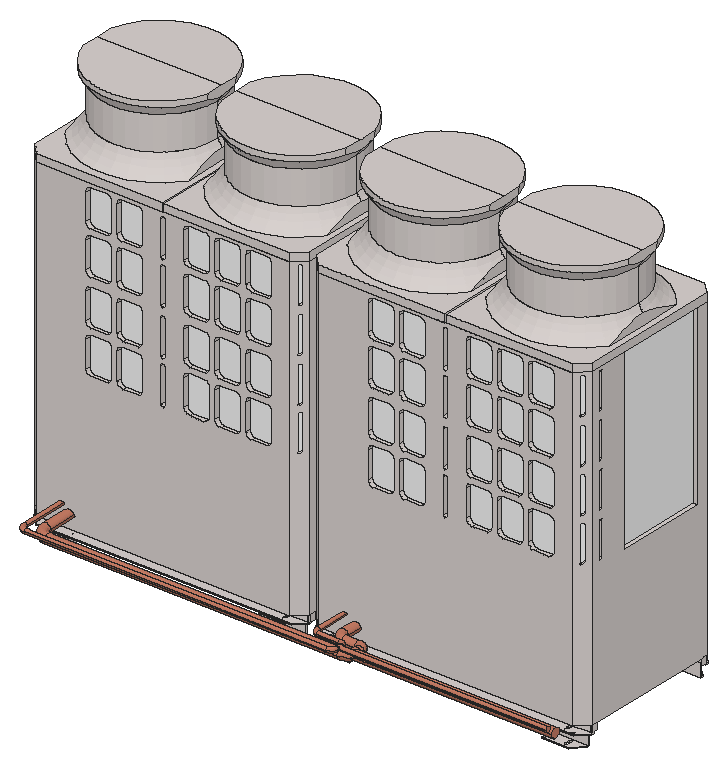
Revit family "PUHY-P900YSNW-A1", category Mechanical Equipment, Revit 2016 (continued)
Definition of nested family "PUHY-P450YNW-A1"
  Dimensions and locks
    cut or joined group 1 (Extrusion 1, Extrusion 2, Extrusion 3, Extrusion 4, Extrusion 5, Extrusion 6, Extrusion 7, Extrusion 8, Extrusion 9, Extrusion 10, Extrusion 11, Extrusion 12, Extrusion 13, Extrusion 14, Extrusion 15, Extrusion 16, Extrusion 17, Extrusion 18, Extrusion 19, Extrusion 20, Extrusion 21, Extrusion 22, Extrusion 23, Extrusion 24, Extrusion 25, Extrusion 26, Extrusion 27, Extrusion 28, Extrusion 29, Extrusion 30, Extrusion 31, Extrusion 32, Extrusion 33) to plane 12 to cut or joined group 1 = 805.000 mm, 621.000 mm
    plane 5 to plane 2 = 1858.000 mm  (x2)
    cut or joined group 1 to plane 19 "132" = 132.000 mm
    cut or joined group 1 to plane 22 = 207.000 mm
    cut or joined group 1 to plane 23 = 256.000 mm
    cut or joined group 1 to plane 6 = 60.000 mm
    cut or joined group 1 to cut or joined group 1 = 42.154 mm
    cut or joined group 1 to cut or joined group 1 = 11.895 mm
    nested 1 to nested 3 to level = 1798.000 mm, 60.000 mm
    nested 1 to nested 1 = 303.000 mm
    nested 1 to nested 3 = 1495.000 mm
    nested 8 to nested 8 to nested 8 to nested 7 to nested 7 to nested 7 = 54.000 mm, 20.000 mm, 592.000 mm, 20.000 mm, 54.000 mm
    nested 3 to nested 3 = 56.000 mm
    plane 11 to plane 31 to plane 32 to cut or joined group 1 = 90.000 mm, 1060.000 mm, 90.000 mm
    curve 103 to nested 7 = 90.000 mm
    curve 104 to nested 7 = 125.000 mm
    curve 101 to nested 7 = 100.000 mm
    curve 11 to curve 13 to nested 7 = 84.000 mm, 71.000 mm
    cut or joined group 1 to curve 12 to curve 14 = 125.000 mm, 148.000 mm
    nested 2 to nested 7 = 1495.000 mm
    curve 87 to cut or joined group 1 = 152.000 mm
    curve 88 to cut or joined group 1 = 172.000 mm
    curve 89 to cut or joined group 1 = 216.000 mm
    cut or joined group 1 to curve 4 to curve 2 = 128.000 mm, 150.000 mm
    cut or joined group 1 to curve 1 to curve 3 = 79.000 mm, 94.000 mm
    Extrusion 32 sketch curve to nested 7 = 116.000 mm
    cut or joined group 1 to Extrusion 32 sketch curve = 160.000 mm
    cut or joined group 1 to Extrusion 33 sketch curve = 243.000 mm
    Extrusion 33 sketch curve to nested 7 = 116.000 mm
    aligned and locked: level to plane 2
    aligned and locked: Extrusion 1 to plane 4
  Nested families
    nested 1: "FAN GUARD" at (-311.5, 2, 860), type "FAN GUARD"
      with WIDTH 870.000 mm
    nested 2: "FAN GUARD" at (311.5, 2, 860) x (-1, 0, 0) z (0, 0, 1), type "FAN GUARD"
      with WIDTH 870.000 mm
    nested 3: "ATTACHMENT LEG" at (-524, -349, 0), type "ATTACHMENT LEG"
    nested 4: "ATTACHMENT LEG" at (-524, 349, 0), type "ATTACHMENT LEG"
    nested 5: "ATTACHMENT LEG" at (524, -349, 0) x (-1, 0, 0) z (0, 0, 1), type "ATTACHMENT LEG"
    nested 6: "ATTACHMENT LEG" at (524, 349, 0) x (-1, 0, 0) z (0, 0, 1), type "ATTACHMENT LEG"
    nested 7: "BASE LEG_L_" at (0, -352, 60), type "BASE LEG_L_"
      with Width 1240.000 mm
    nested 8: "BASE LEG_L_" at (0, 352, 60), type "BASE LEG_L_"
      with Width 1240.000 mm
  Connectors
    piping at (-460, -191, 176), diameter 25.4, driven by "Liquid pipe_radius"
      settings: on cut or joined group 1, index 3, connector inside diameter 25.4 mm, connector length 0.000 mm, flow factor 0, pipe flow 0.0 L/s, pressure drop 0.0 Pa, fitting loss kfactor 0, connector angle 0.00°, fixture units 0, engagement length 0.000 mm, angle of deflection 0.00°, flow configuration 0, flow direction 0, fitting loss method 0, system type 22, joint type 0, gender type 0, connector reference index -1, connector utility 0, adjustable connector no, is connector primary yes, connector description "Refrigerant service valve<Liquid pipe>"
    piping at (-377, -191, 176), diameter 28.58, driven by "Gas pipe_radius"
      settings: on cut or joined group 1, index 4, connector inside diameter 28.58 mm, connector length 0.000 mm, flow factor 0, pipe flow 0.0 L/s, pressure drop 0.0 Pa, fitting loss kfactor 0, connector angle 0.00°, fixture units 0, engagement length 0.000 mm, angle of deflection 0.00°, flow configuration 0, flow direction 0, fitting loss method 0, system type 22, joint type 0, gender type 0, connector reference index -1, connector utility 0, adjustable connector no, is connector primary no, connector description "Refrigerant service valve<Gas>"
    electrical at (0, -370, 808)
      settings: on cut or joined group 1, index 5, voltage 0 V, apparent load 0 VA, apparent load phase1 0 VA, apparent load phase2 0 VA, apparent load phase3 0 VA, power factor 1, load classification none, number of poles 1, system type 30, power factor state 1, is connector primary yes, connector utility no, sub classification motor no, connector description ""
  Definition of nested family "FAN GUARD"
    Parameters
      WIDTH [instance] = 870.000 mm
    Reference planes
      plane 1 "中心(正面/背面)": y = -2
      plane 2: z = 0
      plane 3 "ファンガード基準面": z = 661
      plane 4: y = 368
      plane 5: x = 366
      plane 6: x = -375
      plane 7 "ファンガード基準上面": z = 695
      plane 8 "ファンガード上面": z = 998
      plane 9: x = -273.971
      plane 10: x = 308.5
      plane 11: x = -308.5
      plane 12: x = 0
    Forms (mm)
      Extrusion 1, solid
        sketch origin (85, 0, 661) x (-1, 0, 0) y (0, -1, 0)
          loop
            line (343.5, -368) -> (393.5, -318) -> (393.5, 322) -> (343.5, 372) -> (-223.5, 372) -> (-223.5, -368) -> (343.5, -368)
        from 0 to 34
      Revolve 2, solid
        sketch origin (0, -2, 0) x (1, 0, 0) y (0, 0, 1)
          loop
            line (0, 695) -> (0, 998) -> (-290, 998) -> (-290, 972.327) -> (-260, 928.372) -> (-260, 777.384)
            arc (-260, 777.384) -> (-290.651, 730.137) -> (-334.665, 695) r 175.882
            line (-334.665, 695) -> (0, 695)
          axis (0, 998) -> (0, 695)
        angle from 0 to 360
      Extrusion 3, void
        sketch origin (-840, 75, 695) x (-1, 0, 0) y (0, -1, 0)
          loop
            line (-410, -165) -> (-410, 315) -> (-561.253, 315) -> (-561.253, -165) -> (-410, -165)
        from -35 to 430.592
      Extrusion 4, void
        sketch origin (840, 75, 695) x (1, 0, 0) y (0, 1, 0)
          loop
            line (-410, 165) -> (-561.253, 165) -> (-561.253, -315) -> (-410, -315) -> (-410, 165)
        from 0 to 430.592
    Cuts and joins
      Extrusion 3, Extrusion 4 cuts Revolve 2
      Extrusion 4 cuts Extrusion 1
    Lines and regions (mm)
      model lines
        curve 1: line (-278.747, 0, 998) -> (-80, 0, 998)
        curve 2: line (80, 0, 998) -> (278.747, 0, 998)
        curve 3: circle (0, 0, 998) r 80 normal (0, 0, 1)
        curve 4: line (-278.747, -80, 998) -> (278.747, -80, 998)
        curve 5: line (-241.868, -160, 998) -> (241.868, -160, 998)
        curve 6: line (-162.788, -240, 998) -> (162.788, -240, 998)
        curve 7: line (-278.747, 80, 998) -> (278.747, 80, 998)
        curve 8: line (-241.868, 160, 998) -> (240, 160, 998)
        curve 9: line (-160, 240, 998) -> (162.788, 240, 998)
        curve 10: line (0, 290, 998) -> (0, -290, 998)
        curve 11: line (-20, 289.31, 998) -> (-20, -289.31, 998)
        curve 12: line (-40, 287.228, 998) -> (-40, -287.228, 998)
        curve 13: line (-60, 283.725, 998) -> (-60, -283.725, 998)
        curve 14: line (-80, 278.747, 998) -> (-80, -278.747, 998)
        curve 15: line (20, 289.31, 998) -> (20, -289.31, 998)
        curve 16: line (40, 287.228, 998) -> (40, -287.228, 998)
        curve 17: line (60, 283.725, 998) -> (60, -283.725, 998)
        curve 18: line (80, 278.747, 998) -> (80, -278.747, 998)
        curve 19: line (100, 272.213, 998) -> (100, -272.213, 998)
        curve 20: line (120, 264.008, 998) -> (120, -264.008, 998)
        curve 21: line (140, 253.969, 998) -> (140, -253.969, 998)
        curve 22: line (160, 241.868, 998) -> (160, -243.132, 998)
        curve 23: line (180, 227.376, 998) -> (180, -227.624, 998)
        curve 24: line (200, 210, 998) -> (200, -210, 998)
        curve 25: line (220, 188.944, 998) -> (220, -188.944, 998)
        curve 26: line (240, 160, 998) -> (240, -162.788, 998)
        curve 27: line (260, 128.452, 998) -> (260, -128.452, 998)
        curve 28: line (-100, 272.213, 998) -> (-100, -272.213, 998)
        curve 29: line (-120, 264.008, 998) -> (-120, -264.008, 998)
        curve 30: line (-140, 253.969, 998) -> (-140, -253.969, 998)
        curve 31: line (-160, 240, 998) -> (-160, -241.868, 998)
        curve 32: line (-180, 227.376, 998) -> (-180, -227.376, 998)
        curve 33: line (-200, 210, 998) -> (-200, -210, 998)
        curve 34: line (-220, 188.944, 998) -> (-220, -188.944, 998)
        curve 35: line (-240, 162.788, 998) -> (-240, -162.788, 998)
        curve 36: line (-260, 128.452, 998) -> (-260, -128.452, 998)
        curve 37: line (10, 79.373, 998) -> (10, -79.373, 998)
        curve 38: line (-10, 79.373, 998) -> (-10, -79.373, 998)
        curve 39: line (30, 74.162, 998) -> (30, -74.162, 998)
        curve 40: line (50, 62.45, 998) -> (50, -62.45, 998)
        curve 41: line (70, 38.73, 998) -> (70, -38.73, 998)
        curve 42: line (-30, 74.162, 998) -> (-30, -74.162, 998)
        curve 43: line (-50, 62.45, 998) -> (-50, -62.45, 998)
        curve 44: line (-70, 38.73, 998) -> (-70, -38.73, 998)
    Dimensions and locks
      locked: plane 8 "ファンガード上面" to plane 7 "ファンガード基準上面" at 303
      plane 8 "ファンガード上面" to plane 3 "ファンガード基準面" = 337.000 mm
      Revolve 2 sketch curve to Revolve 2 sketch curve = 290.000 mm
      Extrusion 1 sketch curve to Extrusion 1 sketch curve = 740.000 mm
      equal spacing: Extrusion 1 sketch curve, plane 1 "中心(正面/背面)", Extrusion 1 sketch curve
      plane 6 to plane 5 = 741.000 mm
      Extrusion 1 sketch curve to Extrusion 1 sketch curve = 617.000 mm
      plane 11 to plane 10 = 617.000 mm
      cut or joined group of Extrusion 1, Extrusion 4 to cut or joined group of Extrusion 1, Extrusion 4 = 617.000 mm
      cut or joined group of Extrusion 1, Extrusion 4 to cut or joined group of Extrusion 1, Extrusion 4 = 740.000 mm
      aligned and locked: level to plane 2
      aligned and locked: plane 7 "ファンガード基準上面" to Extrusion 1
      aligned and locked: plane 3 "ファンガード基準面" to Extrusion 1
      aligned and locked: cut or joined group of Revolve 2, Extrusion 3, Extrusion 4 to plane 8 "ファンガード上面"
  Definition of nested family "ATTACHMENT LEG"
    Parameters
      Width = 145.000 mm
    Reference planes
      plane 1: z = 0
      plane 2 "中心(左/右)": x = -6
      plane 3: x = -52
      plane 4: x = 85
      plane 5: x = 93
      plane 6: y = -21
      plane 7: y = 27
      plane 8: x = -30
      plane 9: y = 39
      plane 10: z = 60
      plane 11: z = 57
      plane 12: z = 3
      plane 13: x = 82
      plane 14: y = 36
      plane 15: x = -75
      plane 16: y = 31
      plane 17 "幅": x = 93
      plane 18: y = 2.5
      plane 19: y = 21
      plane 20: y = -10
    Forms (mm)
      Extrusion 1, solid
        sketch origin (0, -1, 0) x (1, 0, 0) y (0, 1, 0)
          loop
            line (-75, 36) -> (-75, 27) -> (-28, -20) -> (93, -20) -> (93, 32) -> (85, 32) -> (85, 36) -> (-75, 36)
        from 0 to 60
      Extrusion 2, void
        sketch origin (0, -3, 0) x (1, 0, 0) y (0, 0, 1)
          loop
            line (-75, 57) -> (-75, 3) -> (82, 3) -> (82, 57) -> (-75, 57)
          loop
            line (93, 57) -> (85, 57) -> (85, 3) -> (93, 3) -> (93, 57)
        from -35 to 18
      Extrusion 3, void
        sketch origin (-6, 5.5, 0) x (1, 0, 0) y (0, 1, 0)
          loop
            arc (-7, -8.5) -> (0, -15.5) -> (7, -8.5) r 7
            line (7, -8.5) -> (7, 8.5)
            arc (7, 8.5) -> (0, 15.5) -> (-7, 8.5) r 7
            line (-7, 8.5) -> (-7, -8.5)
        from 0 to 60
    Cuts and joins
      Extrusion 2, Extrusion 3 cuts Extrusion 1
    Dimensions and locks
      locked: plane 3 to plane 4 at 137
      locked: plane 3 to plane 5 at 145
      plane 6 to plane 7 = 48.000 mm
      locked: plane 10 to level at 60
      Extrusion 3 sketch curve to plane 2 "中心(左/右)" = 7.000 mm
      locked: plane 15 to plane 2 "中心(左/右)" at 69
      locked: plane 15 to plane 8 at 45
      locked: plane 6 to plane 18 at 23.5
      cut or joined group of Extrusion 1, Extrusion 2, Extrusion 3 to cut or joined group of Extrusion 1, Extrusion 2, Extrusion 3 = 168.000 mm
      cut or joined group of Extrusion 1, Extrusion 2, Extrusion 3 to cut or joined group of Extrusion 1, Extrusion 2, Extrusion 3 = 56.000 mm  (x2)
      plane 14 to plane 6 = 57.000 mm
      aligned and locked: level to plane 1
      aligned and locked: Extrusion 1 sketch curve to plane 4
      aligned and locked: Extrusion 1 sketch curve to plane 5
      aligned: plane 8 to Extrusion 1 sketch curve
      aligned and locked: plane 10 to Extrusion 1
      aligned and locked: Extrusion 2 sketch curve to plane 11
      aligned: plane 3 to Extrusion 2 sketch curve
      aligned and locked: plane 12 to Extrusion 2 sketch curve
      aligned and locked: Extrusion 2 sketch curve to plane 13
      aligned and locked: plane 6 to Extrusion 2
      aligned and locked: plane 11 to Extrusion 2 sketch curve
      aligned and locked: plane 5 to Extrusion 2 sketch curve
      aligned and locked: Extrusion 2 sketch curve to plane 12
      aligned and locked: Extrusion 2 sketch curve to plane 4
      aligned and locked: plane 15 to Extrusion 1 sketch curve
      aligned and locked: Extrusion 2 sketch curve to cut or joined group of Extrusion 1, Extrusion 2, Extrusion 3
      aligned and locked: Extrusion 1 to plane 16
  Definition of nested family "BASE LEG_L_"
    Parameters
      Width [instance] = 1240.000 mm
    Reference planes
      plane 1 "中心(正面/背面)": y = 0
      plane 2: z = 0
      plane 3 "中心(左/右)": x = 0
      plane 4: x = 620
      plane 5: x = -620
      plane 6: x = -530
      plane 7: x = 530
      plane 8: y = -18
      plane 9: y = 39
      plane 10: z = 53
      plane 11: y = 42
      plane 12: y = 27
      plane 13: x = 575
      plane 14: x = -575
      plane 15: z = 8
      plane 16: y = 11.5
      plane 17: z = 35
    Forms (mm)
      Extrusion 1, solid
        sketch origin (0, 0, 0) x (0, 1, 0) y (0, 0, 1)
          loop
            line (-18, 0) -> (36, 0) -> (36, 32) -> (56, 32) -> (56, 35) -> (33, 35) -> (33, 3) -> (-18, 3) -> (-18, 0)
        from -620 to 620
      Extrusion 2, void
        sketch origin (0, 0, 0) x (1, 0, 0) y (0, 1, 0)
          loop
            line (575, -18) -> (620, -18) -> (620, 27) -> (575, -18)
          loop
            line (-575, -18) -> (-620, 27) -> (-620, -18) -> (-575, -18)
        from 0 to 250
      Extrusion 3, void
        sketch origin (0, 12.023, 0) x (1, 0, 0) y (0, 1, 0)
          loop
            arc (523, -2.971) -> (530, -9.971) -> (537, -2.971) r 7
            line (537, -2.971) -> (537, 3.023)
            arc (537, 3.023) -> (530, 10.023) -> (523, 3.023) r 7
            line (523, 3.023) -> (523, -2.971)
          loop
            line (-523, -2.971) -> (-523, 3.023)
            arc (-523, 3.023) -> (-530, 10.023) -> (-537, 3.023) r 7
            line (-537, 3.023) -> (-537, -2.971)
            arc (-537, -2.971) -> (-530, -9.971) -> (-523, -2.971) r 7
        from 0 to 250
      Extrusion 4, solid
        sketch origin (0, 0, -3) x (1, 0, 0) y (0, 0, 1)
          loop
            line (617, 8) -> (620, 8) -> (620, 35) -> (617, 35) -> (617, 8)
          loop
            line (-617, 8) -> (-617, 35) -> (-620, 35) -> (-620, 8) -> (-617, 8)
        from -36 to -56
      Extrusion 5, solid
        sketch origin (150, 352, 0) x (1, 0, 0) y (0, 1, 0)
          loop
            line (460, -319) -> (455, -319) -> (455, -320) -> (405, -370) -> (410, -370) -> (460, -320) -> (460, -319)
        from 3 to 35
      Extrusion 6, void
        sketch origin (560, -18, 0) x (0.707107, 0.707107, 0) y (0, 0, 1)
          loop
            line (70.711, 3) -> (-6.741, 39.767) -> (-6.741, 3) -> (70.711, 3)
        from -190.256 to 23.776
      Extrusion 7, solid
        sketch origin (-150, 352, 0) x (-1, 0, 0) y (0, -1, 0)
          loop
            line (460, 319) -> (460, 320) -> (410, 370) -> (405, 370) -> (455, 320) -> (455, 319) -> (460, 319)
        from 3 to 35
      Extrusion 8, void
        sketch origin (-560, -18, 0) x (0.707107, -0.707107, 0) y (0, 0, -1)
          loop
            line (-70.711, -3) -> (0, -35) -> (6.741, -35) -> (6.741, -3) -> (-70.711, -3)
        from -190.256 to 23.776
    Cuts and joins
      Extrusion 2, Extrusion 3 cuts Extrusion 1
      joined: Extrusion 1, Extrusion 4
      Extrusion 8 cuts Extrusion 7
      Extrusion 6 cuts Extrusion 5
    Dimensions and locks
      "Width": plane 5 to plane 4
      equal spacing: plane 5, plane 3 "中心(左/右)", plane 4
      locked: plane 5 to plane 6 at 90
      locked: plane 7 to plane 4 at 90
      locked: plane 8 to plane 9 at 57
      locked: plane 10 to level at 53
      locked: plane 9 to plane 11 at 3
      plane 8 to plane 12 = 45.000 mm
      locked: plane 13 to plane 4 at 45
      locked: plane 5 to plane 14 at 45
      equal spacing: Extrusion 3 sketch curve, plane 7, Extrusion 3 sketch curve
      equal spacing: Extrusion 3 sketch curve, plane 6, Extrusion 3 sketch curve
      locked: plane 10 to plane 15 at 45
      locked: cut or joined group of Extrusion 1, Extrusion 2, Extrusion 3, Extrusion 4 to Extrusion 4 sketch curve at 3  (x2)
      locked: plane 8 to plane 16 at 29.5
      plane 8 to plane 11 = 60.000 mm
      cut or joined group of Extrusion 1, Extrusion 2, Extrusion 3, Extrusion 4 to cut or joined group of Extrusion 1, Extrusion 2, Extrusion 3, Extrusion 4 = 35.000 mm
      aligned and locked: level to plane 2
      aligned and locked: plane 8 to Extrusion 1 sketch curve
      aligned and locked: plane 4 to Extrusion 1
      aligned and locked: Extrusion 1 to plane 5
      aligned and locked: Extrusion 2 sketch curve to plane 4
      aligned and locked: Extrusion 2 sketch curve to plane 8
      aligned and locked: plane 12 to Extrusion 2 sketch curve
      aligned and locked: plane 13 to Extrusion 2 sketch curve
      aligned and locked: plane 4 to Extrusion 4 sketch curve
      aligned and locked: plane 5 to Extrusion 4 sketch curve
      aligned and locked: cut or joined group of Extrusion 7, Extrusion 8 to cut or joined group of Extrusion 1, Extrusion 2, Extrusion 3, Extrusion 4
    Automatic sketch dimensions
      Extrusion 3 sketch curve to plane 1 "中心(正面/背面)" = 9.052 mm  (x2)
      Extrusion 3 sketch curve to plane 7 = 7.000 mm
      Extrusion 3 sketch curve to plane 1 "中心(正面/背面)" = 15.046 mm  (x2)
      Extrusion 3 sketch curve to plane 6 = 7.000 mm
      Extrusion 2 sketch curve to plane 5 = 0.000 mm
      plane 8 to Extrusion 2 sketch curve = 0.000 mm
      Extrusion 2 sketch curve to plane 14 = 0.000 mm
      plane 12 to Extrusion 2 sketch curve = 0.000 mm
      Extrusion 4 sketch curve to plane 10 = 21.000 mm
      plane 7 to Extrusion 5 sketch curve = 25.000 mm
      Extrusion 5 sketch curve to Extrusion 5 sketch curve = 5.000 mm  (x2)
      plane 7 to Extrusion 5 sketch curve = 75.000 mm
      plane 8 to Extrusion 5 sketch curve = 0.000 mm
      Extrusion 5 sketch curve to Extrusion 5 sketch curve = 50.000 mm
      Extrusion 5 sketch curve to Extrusion 5 sketch curve = 0.000 mm
      Extrusion 5 sketch curve to Extrusion 5 sketch curve = 1.000 mm
      Extrusion 6 sketch curve to Extrusion 5 = 0.000 mm  (x2)
      Extrusion 6 sketch curve to Extrusion 5 = 6.741 mm
      Extrusion 6 sketch curve to Extrusion 5 = 4.767 mm
      plane 6 to Extrusion 7 sketch curve = 25.000 mm
      Extrusion 7 sketch curve to Extrusion 7 sketch curve = 5.000 mm  (x2)
      Extrusion 7 sketch curve to Extrusion 7 sketch curve = 45.000 mm
      Extrusion 7 sketch curve to plane 8 = 0.000 mm
      Extrusion 7 sketch curve to Extrusion 7 sketch curve = 50.000 mm
      Extrusion 7 sketch curve to Extrusion 7 sketch curve = 0.000 mm
      Extrusion 7 sketch curve to Extrusion 7 sketch curve = 1.000 mm
      Extrusion 8 sketch curve to Extrusion 7 = 0.000 mm  (x2)
      Extrusion 7 to Extrusion 8 sketch curve = 0.000 mm  (x2)
      Extrusion 7 to Extrusion 8 sketch curve = 6.741 mm
      Extrusion 4 sketch curve to plane 17 = 3.000 mm
      Extrusion 4 sketch curve to plane 15 = 3.000 mm  (x2)
      Extrusion 1 sketch curve to plane 17 = 0.000 mm
      Extrusion 1 sketch curve to level = 0.000 mm
      level to Extrusion 1 sketch curve = 3.000 mm
      plane 9 to Extrusion 1 sketch curve = 6.000 mm
      plane 9 to Extrusion 1 sketch curve = 3.000 mm
      Extrusion 1 sketch curve to plane 17 = 3.000 mm
      Extrusion 1 sketch curve to plane 11 = 14.000 mm
Types (6, lengths in mm): name | Voltage | Hertz | Heating Rated Load Ampacity (A) | Heating Current Input (Nominal) (A) | Heating Current Input (A) | Cooling Rated Load Ampacity (A) | Cooling Current Input (A)
  PUHY-P900YSNW-A1_380V_50Hz | 380 V | 50 Hz | 49.1 | 41 | 49.1 | 51.3 | 51.3
  PUHY-P900YSNW-A1_380V_60Hz | 380 V | 60 Hz | 49.1 | 41 | 49.1 | 51.3 | 51.3
  PUHY-P900YSNW-A1_400V_50Hz | 400 V | 50 Hz | 46.7 | 39 | 46.7 | 48.7 | 48.7
  PUHY-P900YSNW-A1_400V_60Hz | 400 V | 60 Hz | 46.7 | 39 | 46.7 | 48.7 | 48.7
  PUHY-P900YSNW-A1_415V_50Hz | 415 V | 50 Hz | 45 | 37.6 | 45 | 47 | 47
  PUHY-P900YSNW-A1_415V_60Hz | 415 V | 60 Hz | 45 | 37.6 | 45 | 47 | 47
